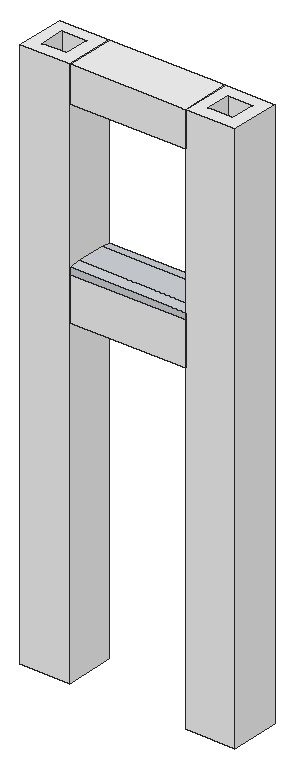
Revit family "GEN_A3-Stone-cladding-columns-4-store", category Structural Columns, Revit 2015
Parameters (values of type "Stone Cladding Column")
  FOUNDATION = 1020 mm
  Depth = 460 mm
  Width = 460 mm
  Assembly Code = ""
Types (2): name
  Family1
  Stone Cladding Column
Reference planes
  plane 1: z = 0
  plane 2 "Left": x = -230
  plane 3 "Right": x = 370
  plane 4 "Back": y = 230
  plane 5 "Front": y = -370
  plane 6: z = -1020
  plane 7: z = 935
  plane 8: x = 70
  plane 9: y = -70
  plane 10: y = -220
  plane 11: y = 80
  plane 12: x = -80
  plane 13: x = 220
  plane 14: x = 1770
  plane 15: x = 2370
  plane 16: y = 230
  plane 17: y = -370
  plane 18: x = 2070
  plane 19: y = -70
  plane 20: y = -220
  plane 21: y = 80
  plane 22: x = 1920
  plane 23: x = 2220
  plane 24: z = 2890
  plane 25: z = 5585
  plane 26: z = 3060
  plane 27: z = 5585
Forms (mm)
  Extrusion 1, solid, material "pietra stone"
    sketch origin (0, 0, 0) x (1, 0, 0) y (0, 1, 0)
      loop
        line (-230, 230) -> (-230, -370) -> (370, -370) -> (370, 230) -> (-230, 230)
      loop
        line (-80, 80) -> (-80, -220) -> (220, -220) -> (220, 80) -> (-80, 80)
    from -1020 to 5690
  Extrusion 2, solid
    sketch origin (1530, -230, 2475) x (0, 1, 0) y (0, 0, -1)
      loop
        line (460, -935) -> (-140, -935) -> (-140, -1016.73) -> (-10, -1035) -> (330, -1035) -> (460, -1019.038) -> (460, -935)
    from -240 to 1160
  Extrusion 3, solid, material "pietra stone"
    sketch origin (-402.5, 0, 3080) x (0, 0, -1) y (0, 1, 0)
      loop
        line (-330, 230) -> (-330, -370) -> (190, -370) -> (190, 230) -> (-330, 230)
    from 772.5 to 2172.5
  Extrusion 4, solid, material "pietra stone"
    sketch origin (-542.5, 0, 4970) x (0, 0, -1) y (0, 1, 0)
      loop
        line (-720, 230) -> (-720, -370) -> (-290, -370) -> (-290, 230) -> (-720, 230)
    from 912.5 to 2312.5
  Extrusion 5, solid, material "Concrete column"
    sketch origin (0, 0, 0) x (1, 0, 0) y (0, 1, 0)
      loop
        line (-80, 80) -> (-80, -220) -> (220, -220) -> (220, 80) -> (-80, 80)
    from -1020 to 5260
  Extrusion 6, solid, material "pietra stone"
    sketch origin (2000, 0, 0) x (1, 0, 0) y (0, 1, 0)
      loop
        line (-230, 230) -> (-230, -370) -> (370, -370) -> (370, 230) -> (-230, 230)
      loop
        line (-80, 80) -> (-80, -220) -> (220, -220) -> (220, 80) -> (-80, 80)
    from -1020 to 5690
  Extrusion 7, solid, material "Concrete column"
    sketch origin (2000, 0, 0) x (1, 0, 0) y (0, 1, 0)
      loop
        line (-80, 80) -> (-80, -220) -> (220, -220) -> (220, 80) -> (-80, 80)
    from -1020 to 4305
Dimensions and locks
  plane 5 "Front" to plane 4 "Back" = 600 mm
  "FOUNDATION": plane 6 to level
  Extrusion 1 sketch curve to Extrusion 1 sketch curve to Extrusion 1 sketch curve to Extrusion 1 sketch curve = 150 mm, 300 mm, 150 mm
  Extrusion 6 sketch curve to Extrusion 6 sketch curve to Extrusion 6 sketch curve to Extrusion 6 sketch curve = 150 mm, 300 mm, 150 mm
  level to level = 5690 mm
  Extrusion 3 to level = 2890 mm
  plane 25 to plane 24 to level = 2695 mm, 2890 mm
  plane 25 to level = 5585 mm
  aligned: plane 7 to Extrusion 1
  aligned: Extrusion 1 to plane 6
Automatic sketch dimensions
  Extrusion 1 sketch curve to plane 2 "Left" = 0 mm
  Extrusion 1 sketch curve to plane 3 "Right" = 0 mm
  Extrusion 1 sketch curve to plane 5 "Front" = 0 mm
  Extrusion 2 sketch curve to plane 5 "Front" = 0 mm
  Extrusion 2 sketch curve to plane 4 "Back" = 0 mm
  plane 7 to Extrusion 2 sketch curve = 2575 mm
  Extrusion 2 sketch curve to Extrusion 2 sketch curve = 15.962 mm
  Extrusion 2 sketch curve to Extrusion 2 sketch curve = 18.27 mm
  Extrusion 2 sketch curve to Extrusion 2 sketch curve = 81.73 mm
  Extrusion 3 sketch curve to plane 5 "Front" = 0 mm
  Extrusion 3 sketch curve to plane 4 "Back" = 0 mm
  plane 7 to Extrusion 3 sketch curve = 2475 mm
  Extrusion 3 sketch curve to Extrusion 3 sketch curve = 520 mm
  Extrusion 4 sketch curve to level = 0 mm
  Extrusion 4 sketch curve to plane 5 "Front" = 0 mm
  Extrusion 4 sketch curve to plane 4 "Back" = 0 mm
  Extrusion 4 sketch curve to Extrusion 4 sketch curve = 430 mm
  Extrusion 1 sketch curve to plane 2 "Left" = 150 mm
  plane 3 "Right" to Extrusion 1 sketch curve = 150 mm
  Extrusion 2 sketch curve to plane 5 "Front" = 130 mm
  Extrusion 5 sketch curve to plane 2 "Left" = 150 mm
  plane 3 "Right" to Extrusion 5 sketch curve = 150 mm
  Extrusion 5 sketch curve to plane 5 "Front" = 150 mm
  plane 4 "Back" to Extrusion 2 sketch curve = 130 mm
  plane 4 "Back" to Extrusion 5 sketch curve = 150 mm
  plane 5 "Front" to Extrusion 6 sketch curve = 0 mm
  Extrusion 6 sketch curve to plane 14 = 0 mm
  Extrusion 6 sketch curve to plane 22 = 0 mm
  Extrusion 6 sketch curve to plane 23 = 0 mm
  Extrusion 6 sketch curve to plane 15 = 0 mm
  plane 10 to Extrusion 7 sketch curve = 0 mm
  Extrusion 7 sketch curve to plane 22 = 0 mm
  Extrusion 7 sketch curve to plane 23 = 0 mm
  plane 11 to Extrusion 7 sketch curve = 0 mm
